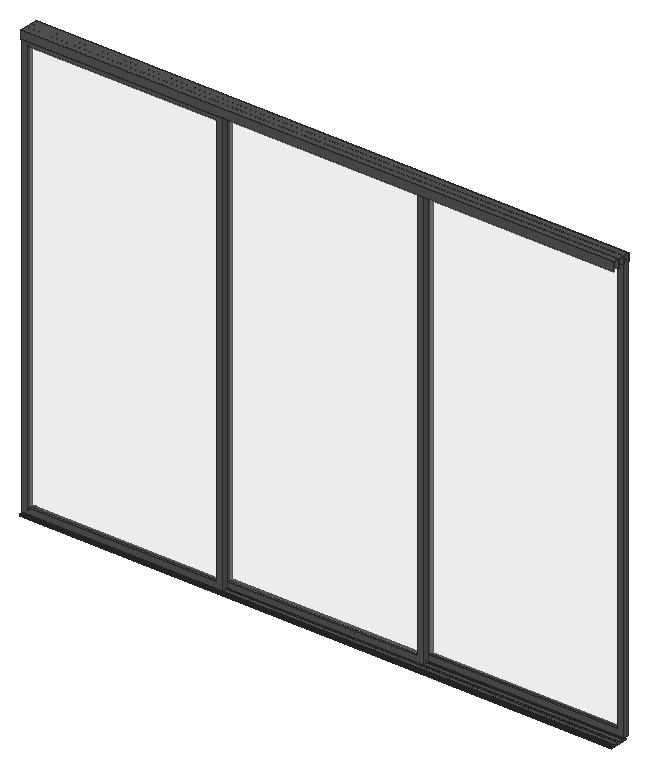
Revit family "Door_FTS CD_The Sliding Door Company_1.5F 3-Panel Triple Track (Regular)", category Doors, host Wall, Revit 2019
Family settings
  Host = Wall
  OmniClass Number = 23.30.10.00
  OmniClass Title = Doors
  Always vertical = Yes
  Cut with Voids When Loaded = No
  Shared = No
  Room Calculation Point = No
Parameters (values of type "FTS Closet Divider - 1.5F 3 Panel 3 Track - ABC/CBA")
  Upper Track Material [instance] = TSDC - Casing/Upper Track - Powder Coated Black
  URL = "https://www.slidingdoorco.com"
  Thickness = 1 1/4"  # constant formula
  Stile/Rail = 1 1/2"  # constant formula
  Rough Width = Finished Opening Width + 5/8" * 2  # 148 1/4"
  Rough Height = Finished Opening Height + 5/8"  # 108 5/8"
  Panel Width = Width / 3 + 1"  # 50"
  Panel Height = Height - 2 1/4"  # 105 3/4"
  Open [instance] = no
  Model = "FTS Closet Divider - Full Height System"  # constant formula
  Manufacturer = "The Sliding Door Company"  # constant formula
  Limitations = "Panel Width x System Height cannot exceed 7,400 square inches"  # constant formula
  Glass Thickness = "Available in: 5mm Tempered, 7mm,10mm,11mm Laminated Glass"  # constant formula
  Glass Material [instance] = TSDC - Glass - Clear
  Function = Interior
  Height = if(Finished Opening Height > 108", 108", Finished Opening Height)  # 108"
  Wall Closure = By host
  Width = if(Finished Opening Width > 147", 147", Finished Opening Width)  # 147"
  Fire Rating = "N/A"  # constant formula
  Finished Opening Width = 147"
  Finished Opening Height = 108"
  Door Casing Material [instance] = TSDC - Casing/Upper Track - Powder Coated Black
  Description = "1.5 Frame 3 Panel System with Triple Track (Regular)"  # constant formula
  Contact The Sliding Door Company = "https://www.slidingdoorco.com/contact"
  Construction Type = "Top Mounted, Regular Bottom Track"  # constant formula
  Configuration = "ABC/CBA Configuration"  # constant formula
  Closed [instance] = not(Open)  # yes
  Bottom Track Material [instance] = TSDC - Bottom Track - Powder Coated Black
  Analytic Construction = "<None>"
  1 1/2" Frame (No Support Dividers) = "Max. H=108 in., Max. W=147 in. (50 in. panel width)"  # constant formula
Reference planes (in)
  plane 1 "Center (Front/Back)": y = 0
  plane 2 "Center (Left/Right)": x = 0
  plane 3 "Top": z = 108
  plane 4 "Exterior": y = 3
  plane 5 "Interior": y = -3
  plane 6: x = -73.5
  plane 7: x = 73.5
  plane 8: z = 0.625
  plane 9 "2": z = 106.375
  plane 10 "3": z = 107.25
  plane 11: y = -0.67851
  plane 12: x = -24.5
  plane 13: x = 24.5
  plane 14 "Top": z = 96
  plane 15 "2": z = 94.375
  plane 16 "3": z = 95.25
  plane 17 "Top": z = 96
  plane 18 "2": z = 94.375
  plane 19 "3": z = 95.25
  plane 20 "Top": z = 80
  plane 21: x = -50
  plane 22: x = 50
  plane 23 "2": z = 78.375
  plane 24 "3": z = 79.25
Forms (in)
  Extrusion 1, solid, material "TSDC - Casing/Upper Track - Powder Coated Black" <- "Upper Track Material"
    sketch origin (0, 1.25781, 0) x (0, 1, 0) y (0, 0, 1)
      loop
        line (1.74219, 108) -> (-2.99219, 108) -> (-2.99219, 105.875) -> (-2.93359, 105.875) -> (-2.93359, 107.94141) -> (-1.43359, 107.94141) -> (-1.43359, 105.875) -> (-1.375, 105.875) -> (-1.375, 107.94141) -> (0.125, 107.94141) -> (0.125, 105.875) -> (0.18359, 105.875) -> (0.18359, 107.94141) -> (1.68359, 107.94141) -> (1.68359, 105.875) -> (1.74219, 105.875) -> (1.74219, 108)
    from -73.5 to 73.5
  Extrusion 2, solid, material "TSDC - Casing/Upper Track - Powder Coated Black" <- "Door Casing Material", visible <- "Closed"
    sketch origin (47.66587, 2.81641, 0) x (1, 0, 0) y (0, 0, 1)
      loop
        line (25.83413, 106.375) -> (-24.16587, 106.375) -> (-24.16587, 0.625) -> (25.83413, 0.625) -> (25.83413, 106.375)
      loop
        line (24.33413, 104.875) -> (-22.66587, 104.875) -> (-22.66587, 2.125) -> (24.33413, 2.125) -> (24.33413, 104.875)
    from 0 to 1.25
  Extrusion 3, solid, material "TSDC - Glass - Clear" <- "Glass Material", visible <- "Closed"
    sketch origin (47.66587, 2.31641, 0) x (1, 0, 0) y (0, 0, 1)
      loop
        line (24.33413, 104.875) -> (-22.66587, 104.875) -> (-22.66587, 2.125) -> (24.33413, 2.125) -> (24.33413, 104.875)
    from 0 to 0.25
  Extrusion 4, solid, material "TSDC - Bottom Track - Powder Coated Black" <- "Bottom Track Material"
    sketch origin (0, 0.8784, 0.00198) x (0, 1, 0) y (0, 0, 1)
      loop
        arc (1.17662, 0.34104) -> (1.17081, 0.35508) -> (1.15677, 0.36093) r 0.01985
        line (1.15677, 0.36093) -> (1.07541, 0.36093)
        arc (1.07541, 0.36093) -> (1.06136, 0.3551) -> (1.05556, 0.34103) r 0.01985
        line (1.05556, 0.34103) -> (1.05556, 0.20299) -> (0.9831, 0.20299) -> (0.9831, 0.28602)
        arc (0.9831, 0.28602) -> (0.87384, 0.39506) -> (0.76472, 0.28588) r 0.10919
        line (0.76472, 0.28588) -> (0.82428, 0.28588)
        arc (0.82428, 0.28588) -> (0.87397, 0.3355) -> (0.92354, 0.28575) r 0.04963
        line (0.92354, 0.28575) -> (0.92354, 0.14753) -> (1.05556, 0.10767) -> (1.05556, 0.05757) -> (0.38753, 0.05757) -> (0.38753, 0.36093) -> (-0.56932, 0.36093) -> (-0.56932, 0.20299) -> (-0.64178, 0.20299) -> (-0.64178, 0.28602)
        arc (-0.64178, 0.28602) -> (-0.75104, 0.39506) -> (-0.86016, 0.28588) r 0.10919
        line (-0.86016, 0.28588) -> (-0.8006, 0.28588)
        arc (-0.8006, 0.28588) -> (-0.75091, 0.3355) -> (-0.70134, 0.28575) r 0.04963
        line (-0.70134, 0.28575) -> (-0.70134, 0.14753) -> (-0.56932, 0.10767) -> (-0.56932, 0.05757) -> (-1.23735, 0.05757) -> (-1.23735, 0.36093) -> (-2.19421, 0.36093) -> (-2.19421, 0.20299) -> (-2.26667, 0.20299) -> (-2.26667, 0.28602)
        arc (-2.26667, 0.28602) -> (-2.37592, 0.39506) -> (-2.48504, 0.28588) r 0.10919
        line (-2.48504, 0.28588) -> (-2.42548, 0.28588)
        arc (-2.42548, 0.28588) -> (-2.37579, 0.3355) -> (-2.32622, 0.28575) r 0.04963
        line (-2.32622, 0.28575) -> (-2.32622, 0.14753) -> (-2.19421, 0.10767) -> (-2.19421, 0.05757) -> (-2.86223, 0.05757) -> (-2.86223, 0.34103)
        arc (-2.86223, 0.34103) -> (-2.86803, 0.3551) -> (-2.88208, 0.36093) r 0.01985
        line (-2.88208, 0.36093) -> (-2.96344, 0.36093)
        arc (-2.96344, 0.36093) -> (-2.97751, 0.35509) -> (-2.9833, 0.341) r 0.01985
        line (-2.9833, 0.341) -> (-2.9833, 0.26961) -> (-2.95059, 0.26961) -> (-2.95059, 0.30227) -> (-2.91939, 0.30227) -> (-2.91939, 0.05752) -> (-2.95046, 0.05752) -> (-2.95046, 0.08934) -> (-2.9833, 0.08934) -> (-2.9833, -0.00198) -> (-2.13705, -0.00198) -> (-2.10598, 0.05752) -> (-2.13705, 0.05752) -> (-2.13705, 0.30227) -> (-1.29451, 0.30227) -> (-1.29451, 0.05752) -> (-1.32558, 0.05752) -> (-1.29451, -0.00198) -> (-0.51217, -0.00198) -> (-0.4811, 0.05752) -> (-0.51217, 0.05752) -> (-0.51217, 0.30227) -> (0.33038, 0.30227) -> (0.33038, 0.05752) -> (0.2993, 0.05752) -> (0.33038, -0.00198) -> (1.17662, -0.00198) -> (1.17662, 0.08934) -> (1.14379, 0.08934) -> (1.14379, 0.05752) -> (1.11271, 0.05752) -> (1.11271, 0.30227) -> (1.14379, 0.30227) -> (1.14379, 0.26961) -> (1.17662, 0.26961) -> (1.17662, 0.34104)
    from -73.5 to 73.5
  Extrusion 5, solid, material "TSDC - Casing/Upper Track - Powder Coated Black" <- "Door Casing Material", visible <- "Closed"
    sketch origin (-11.83413, 1.25781, 0) x (1, 0, 0) y (0, 0, 1)
      loop
        line (36.83413, 106.375) -> (-13.16587, 106.375) -> (-13.16587, 0.625) -> (36.83413, 0.625) -> (36.83413, 106.375)
      loop
        line (35.33413, 104.875) -> (-11.66587, 104.875) -> (-11.66587, 2.125) -> (35.33413, 2.125) -> (35.33413, 104.875)
    from 0 to 1.25
  Extrusion 6, solid, material "TSDC - Glass - Clear" <- "Glass Material", visible <- "Closed"
    sketch origin (-11.83413, 0.75781, 0) x (1, 0, 0) y (0, 0, 1)
      loop
        line (35.33413, 104.875) -> (-11.66587, 104.875) -> (-11.66587, 2.125) -> (35.33413, 2.125) -> (35.33413, 104.875)
    from 0 to 0.25
  Extrusion 7, solid, material "TSDC - Casing/Upper Track - Powder Coated Black" <- "Door Casing Material", visible <- "Closed"
    sketch origin (-71.33413, -0.30078, 0) x (1, 0, 0) y (0, 0, 1)
      loop
        line (47.83413, 106.375) -> (-2.16587, 106.375) -> (-2.16587, 0.625) -> (47.83413, 0.625) -> (47.83413, 106.375)
      loop
        line (46.33413, 104.875) -> (-0.66587, 104.875) -> (-0.66587, 2.125) -> (46.33413, 2.125) -> (46.33413, 104.875)
    from 0 to 1.25
  Extrusion 8, solid, material "TSDC - Glass - Clear" <- "Glass Material", visible <- "Closed"
    sketch origin (-71.33413, -0.80078, 0) x (1, 0, 0) y (0, 0, 1)
      loop
        line (46.33413, 104.875) -> (-0.66587, 104.875) -> (-0.66587, 2.125) -> (46.33413, 2.125) -> (46.33413, 104.875)
    from 0 to 0.25
  Extrusion 9, solid, material "TSDC - Casing/Upper Track - Powder Coated Black", not visible
    sketch origin (0, 0.8784, 0.00198) x (0, 1, 0) y (0, 0, 1)
      loop
        line (1.17662, -0.00198) -> (1.7466, -0.00198) -> (1.7466, 0.11422) -> (1.63872, 0.16601) -> (1.5898, 0.16) -> (1.58595, 0.19134) -> (1.49638, 0.23434) -> (1.44746, 0.22833) -> (1.44362, 0.25967) -> (1.35493, 0.30224) -> (1.30601, 0.29623) -> (1.30216, 0.32757) -> (1.21825, 0.36785)
        arc (1.21825, 0.36785) -> (1.19583, 0.37043) -> (1.17662, 0.35859) r 0.03449
        line (1.17662, 0.35859) -> (1.17662, 0.26961) -> (1.14379, 0.26961) -> (1.14379, 0.30227) -> (1.11271, 0.30227) -> (1.11271, 0.05752) -> (1.14379, 0.05752) -> (1.14379, 0.08934) -> (1.17662, 0.08934) -> (1.17662, -0.00198)
      loop
        line (1.6966, 0.05) -> (1.6966, 0.08276) -> (1.2346, 0.30454) -> (1.2346, 0.05) -> (1.6966, 0.05)
    from -50 to 50
  Extrusion 10, solid, material "TSDC - Casing/Upper Track - Powder Coated Black", not visible
    sketch origin (0, 0.8784, 0.00198) x (0, 1, 0) y (0, 0, 1)
      loop
        arc (1.17662, 0.34104) -> (1.17081, 0.35508) -> (1.15677, 0.36093) r 0.01985
        line (1.15677, 0.36093) -> (1.07541, 0.36093)
        arc (1.07541, 0.36093) -> (1.06136, 0.3551) -> (1.05556, 0.34103) r 0.01985
        line (1.05556, 0.34103) -> (1.05556, 0.20299) -> (0.9831, 0.20299) -> (0.9831, 0.28602)
        arc (0.9831, 0.28602) -> (0.87384, 0.39506) -> (0.76472, 0.28588) r 0.10919
        line (0.76472, 0.28588) -> (0.82428, 0.28588)
        arc (0.82428, 0.28588) -> (0.87397, 0.3355) -> (0.92354, 0.28575) r 0.04963
        line (0.92354, 0.28575) -> (0.92354, 0.14753) -> (1.05556, 0.10767) -> (1.05556, 0.05757) -> (0.38753, 0.05757) -> (0.38753, 0.36093) -> (-0.56932, 0.36093) -> (-0.56932, 0.20299) -> (-0.64178, 0.20299) -> (-0.64178, 0.28602)
        arc (-0.64178, 0.28602) -> (-0.75104, 0.39506) -> (-0.86016, 0.28588) r 0.10919
        line (-0.86016, 0.28588) -> (-0.8006, 0.28588)
        arc (-0.8006, 0.28588) -> (-0.75091, 0.3355) -> (-0.70134, 0.28575) r 0.04963
        line (-0.70134, 0.28575) -> (-0.70134, 0.14753) -> (-0.56932, 0.10767) -> (-0.56932, 0.05757) -> (-1.23735, 0.05757) -> (-1.23735, 0.36093) -> (-2.19421, 0.36093) -> (-2.19421, 0.20299) -> (-2.26667, 0.20299) -> (-2.26667, 0.28602)
        arc (-2.26667, 0.28602) -> (-2.37592, 0.39506) -> (-2.48504, 0.28588) r 0.10919
        line (-2.48504, 0.28588) -> (-2.42548, 0.28588)
        arc (-2.42548, 0.28588) -> (-2.37579, 0.3355) -> (-2.32622, 0.28575) r 0.04963
        line (-2.32622, 0.28575) -> (-2.32622, 0.14753) -> (-2.19421, 0.10767) -> (-2.19421, 0.05757) -> (-2.86223, 0.05757) -> (-2.86223, 0.34103)
        arc (-2.86223, 0.34103) -> (-2.86803, 0.3551) -> (-2.88208, 0.36093) r 0.01985
        line (-2.88208, 0.36093) -> (-2.96344, 0.36093)
        arc (-2.96344, 0.36093) -> (-2.97751, 0.35509) -> (-2.9833, 0.341) r 0.01985
        line (-2.9833, 0.341) -> (-2.9833, 0.26961) -> (-2.95059, 0.26961) -> (-2.95059, 0.30227) -> (-2.91939, 0.30227) -> (-2.91939, 0.05752) -> (-2.95046, 0.05752) -> (-2.95046, 0.08934) -> (-2.9833, 0.08934) -> (-2.9833, -0.00198) -> (-2.13705, -0.00198) -> (-2.10598, 0.05752) -> (-2.13705, 0.05752) -> (-2.13705, 0.30227) -> (-1.29451, 0.30227) -> (-1.29451, 0.05752) -> (-1.32558, 0.05752) -> (-1.29451, -0.00198) -> (-0.51217, -0.00198) -> (-0.4811, 0.05752) -> (-0.51217, 0.05752) -> (-0.51217, 0.30227) -> (0.33038, 0.30227) -> (0.33038, 0.05752) -> (0.2993, 0.05752) -> (0.33038, -0.00198) -> (1.17662, -0.00198) -> (1.17662, 0.08934) -> (1.14379, 0.08934) -> (1.14379, 0.05752) -> (1.11271, 0.05752) -> (1.11271, 0.30227) -> (1.14379, 0.30227) -> (1.14379, 0.26961) -> (1.17662, 0.26961) -> (1.17662, 0.34104)
    from -50 to 50
  Extrusion 11, solid, material "TSDC - Casing/Upper Track - Powder Coated Black", not visible
    sketch origin (0, -0.92827, 0.00198) x (0, -1, 0) y (0, 0, -1)
      loop
        line (1.17662, 0.00198) -> (1.17662, -0.08934) -> (1.14379, -0.08934) -> (1.14379, -0.05752) -> (1.11271, -0.05752) -> (1.11271, -0.30227) -> (1.14379, -0.30227) -> (1.14379, -0.26961) -> (1.17662, -0.26961) -> (1.17662, -0.35859)
        arc (1.17662, -0.35859) -> (1.19583, -0.37043) -> (1.21825, -0.36785) r 0.03449
        line (1.21825, -0.36785) -> (1.30216, -0.32757) -> (1.30601, -0.29623) -> (1.35493, -0.30224) -> (1.44362, -0.25967) -> (1.44746, -0.22833) -> (1.49638, -0.23434) -> (1.58595, -0.19134) -> (1.5898, -0.16) -> (1.63872, -0.16601) -> (1.7466, -0.11422) -> (1.7466, 0.00198) -> (1.17662, 0.00198)
      loop
        line (1.6966, -0.05) -> (1.2346, -0.05) -> (1.2346, -0.30454) -> (1.6966, -0.08276) -> (1.6966, -0.05)
    from -50 to 50
  Extrusion 12, solid, material "TSDC - Casing/Upper Track - Powder Coated Black", not visible
    sketch origin (0, 1.25781, 0) x (0, 1, 0) y (0, 0, 1)
      loop
        line (1.74219, 96) -> (-2.99219, 96) -> (-2.99219, 93.875) -> (-2.93359, 93.875) -> (-2.93359, 95.94141) -> (-1.43359, 95.94141) -> (-1.43359, 93.875) -> (-1.375, 93.875) -> (-1.375, 95.94141) -> (0.125, 95.94141) -> (0.125, 93.875) -> (0.18359, 93.875) -> (0.18359, 95.94141) -> (1.68359, 95.94141) -> (1.68359, 93.875) -> (1.74219, 93.875) -> (1.74219, 96)
    from -50 to 50
  Extrusion 13, solid, material "TSDC - Casing/Upper Track - Powder Coated Black", visible <- "Open", not visible
    sketch origin (-18.0008, 2.81641, 0) x (1, 0, 0) y (0, 0, 1)
      loop
        line (2.33413, 94.375) -> (-31.9992, 94.375) -> (-31.9992, 0.625) -> (2.33413, 0.625) -> (2.33413, 94.375)
      loop
        line (0.83413, 92.875) -> (-30.4992, 92.875) -> (-30.4992, 2.125) -> (0.83413, 2.125) -> (0.83413, 92.875)
    from 0 to 1.25
  Extrusion 14, solid, material "TSDC - Glass - Clear", visible <- "Open", not visible
    sketch origin (-18.0008, 2.31641, 0) x (1, 0, 0) y (0, 0, 1)
      loop
        line (0.83413, 92.875) -> (-30.4992, 92.875) -> (-30.4992, 2.125) -> (0.83413, 2.125) -> (0.83413, 92.875)
    from 0 to 0.25
  Extrusion 15, solid, material "TSDC - Casing/Upper Track - Powder Coated Black", visible <- "Open", not visible
    sketch origin (-44.66746, 1.25781, 0) x (1, 0, 0) y (0, 0, 1)
      loop
        line (29.0008, 94.375) -> (-5.33254, 94.375) -> (-5.33254, 0.625) -> (29.0008, 0.625) -> (29.0008, 94.375)
      loop
        line (27.5008, 92.875) -> (-3.83254, 92.875) -> (-3.83254, 2.125) -> (27.5008, 2.125) -> (27.5008, 92.875)
    from 0 to 1.25
  Extrusion 16, solid, material "TSDC - Glass - Clear", visible <- "Open", not visible
    sketch origin (-44.66746, 0.75781, 0) x (1, 0, 0) y (0, 0, 1)
      loop
        line (27.5008, 92.875) -> (-3.83254, 92.875) -> (-3.83254, 2.125) -> (27.5008, 2.125) -> (27.5008, 92.875)
    from 0 to 0.25
  Extrusion 17, solid, material "TSDC - Casing/Upper Track - Powder Coated Black", visible <- "Open", not visible
    sketch origin (-71.33413, -0.30078, 0) x (1, 0, 0) y (0, 0, 1)
      loop
        line (55.66746, 94.375) -> (21.33413, 94.375) -> (21.33413, 0.625) -> (55.66746, 0.625) -> (55.66746, 94.375)
      loop
        line (54.16746, 92.875) -> (22.83413, 92.875) -> (22.83413, 2.125) -> (54.16746, 2.125) -> (54.16746, 92.875)
    from 0 to 1.25
  Extrusion 18, solid, material "TSDC - Glass - Clear", visible <- "Open", not visible
    sketch origin (-71.33413, -0.80078, 0) x (1, 0, 0) y (0, 0, 1)
      loop
        line (54.16746, 92.875) -> (22.83413, 92.875) -> (22.83413, 2.125) -> (54.16746, 2.125) -> (54.16746, 92.875)
    from 0 to 0.25
  Extrusion 19, solid, material "TSDC - Casing/Upper Track - Powder Coated Black", visible <- "Closed", not visible
    sketch origin (-11.83413, 1.25781, 0) x (1, 0, 0) y (0, 0, 1)
      loop
        line (29.0008, 94.375) -> (-5.33254, 94.375) -> (-5.33254, 0.625) -> (29.0008, 0.625) -> (29.0008, 94.375)
      loop
        line (27.5008, 92.875) -> (-3.83254, 92.875) -> (-3.83254, 2.125) -> (27.5008, 2.125) -> (27.5008, 92.875)
    from 0 to 1.25
  Extrusion 20, solid, material "TSDC - Glass - Clear", visible <- "Closed", not visible
    sketch origin (-11.83413, 0.75781, 0) x (1, 0, 0) y (0, 0, 1)
      loop
        line (27.5008, 92.875) -> (-3.83254, 92.875) -> (-3.83254, 2.125) -> (27.5008, 2.125) -> (27.5008, 92.875)
    from 0 to 0.25
  Extrusion 21, solid, material "TSDC - Casing/Upper Track - Powder Coated Black", visible <- "Closed", not visible
    sketch origin (47.66587, 2.81641, 0) x (1, 0, 0) y (0, 0, 1)
      loop
        line (2.33413, 94.375) -> (-31.9992, 94.375) -> (-31.9992, 0.625) -> (2.33413, 0.625) -> (2.33413, 94.375)
      loop
        line (0.83413, 92.875) -> (-30.4992, 92.875) -> (-30.4992, 2.125) -> (0.83413, 2.125) -> (0.83413, 92.875)
    from 0 to 1.25
  Extrusion 22, solid, material "TSDC - Glass - Clear", visible <- "Closed", not visible
    sketch origin (47.66587, 2.31641, 0) x (1, 0, 0) y (0, 0, 1)
      loop
        line (0.83413, 92.875) -> (-30.4992, 92.875) -> (-30.4992, 2.125) -> (0.83413, 2.125) -> (0.83413, 92.875)
    from 0 to 0.25
  Extrusion 23, solid, material "TSDC - Casing/Upper Track - Powder Coated Black", visible <- "Closed", not visible
    sketch origin (-71.33413, -0.30078, 0) x (1, 0, 0) y (0, 0, 1)
      loop
        line (55.66746, 94.375) -> (21.33413, 94.375) -> (21.33413, 0.625) -> (55.66746, 0.625) -> (55.66746, 94.375)
      loop
        line (54.16746, 92.875) -> (22.83413, 92.875) -> (22.83413, 2.125) -> (54.16746, 2.125) -> (54.16746, 92.875)
    from 0 to 1.25
  Extrusion 24, solid, material "TSDC - Glass - Clear", visible <- "Closed", not visible
    sketch origin (-71.33413, -0.80078, 0) x (1, 0, 0) y (0, 0, 1)
      loop
        line (54.16746, 92.875) -> (22.83413, 92.875) -> (22.83413, 2.125) -> (54.16746, 2.125) -> (54.16746, 92.875)
    from 0 to 0.25
  Extrusion 25, solid, material "TSDC - Casing/Upper Track - Powder Coated Black", not visible
    sketch origin (0, 1.25781, 0) x (0, 1, 0) y (0, 0, 1)
      loop
        line (1.74219, 96) -> (-2.99219, 96) -> (-2.99219, 93.875) -> (-2.93359, 93.875) -> (-2.93359, 95.94141) -> (-1.43359, 95.94141) -> (-1.43359, 93.875) -> (-1.375, 93.875) -> (-1.375, 95.94141) -> (0.125, 95.94141) -> (0.125, 93.875) -> (0.18359, 93.875) -> (0.18359, 95.94141) -> (1.68359, 95.94141) -> (1.68359, 93.875) -> (1.74219, 93.875) -> (1.74219, 96)
    from -50 to 50
  Extrusion 26, solid, material "TSDC - Casing/Upper Track - Powder Coated Black" <- "Door Casing Material", visible <- "Open"
    sketch origin (-18.0008, 2.81641, 0) x (1, 0, 0) y (0, 0, 1)
      loop
        line (-5.4992, 106.375) -> (-55.4992, 106.375) -> (-55.4992, 0.625) -> (-5.4992, 0.625) -> (-5.4992, 106.375)
      loop
        line (-6.9992, 104.875) -> (-53.9992, 104.875) -> (-53.9992, 2.125) -> (-6.9992, 2.125) -> (-6.9992, 104.875)
    from 0 to 1.25
  Extrusion 27, solid, material "TSDC - Glass - Clear" <- "Glass Material", visible <- "Open"
    sketch origin (-18.0008, 2.31641, 0) x (1, 0, 0) y (0, 0, 1)
      loop
        line (-6.9992, 104.875) -> (-53.9992, 104.875) -> (-53.9992, 2.125) -> (-6.9992, 2.125) -> (-6.9992, 104.875)
    from 0 to 0.25
  Extrusion 28, solid, material "TSDC - Casing/Upper Track - Powder Coated Black" <- "Door Casing Material", visible <- "Open"
    sketch origin (-44.66746, 1.25781, 0) x (1, 0, 0) y (0, 0, 1)
      loop
        line (21.16746, 106.375) -> (-28.83254, 106.375) -> (-28.83254, 0.625) -> (21.16746, 0.625) -> (21.16746, 106.375)
      loop
        line (19.66746, 104.875) -> (-27.33254, 104.875) -> (-27.33254, 2.125) -> (19.66746, 2.125) -> (19.66746, 104.875)
    from 0 to 1.25
  Extrusion 29, solid, material "TSDC - Glass - Clear" <- "Glass Material", visible <- "Open"
    sketch origin (-44.66746, 0.75781, 0) x (1, 0, 0) y (0, 0, 1)
      loop
        line (19.66746, 104.875) -> (-27.33254, 104.875) -> (-27.33254, 2.125) -> (19.66746, 2.125) -> (19.66746, 104.875)
    from 0 to 0.25
  Extrusion 30, solid, material "TSDC - Casing/Upper Track - Powder Coated Black" <- "Door Casing Material", visible <- "Open"
    sketch origin (-71.33413, -0.30078, 0) x (1, 0, 0) y (0, 0, 1)
      loop
        line (47.83413, 106.375) -> (-2.16587, 106.375) -> (-2.16587, 0.625) -> (47.83413, 0.625) -> (47.83413, 106.375)
      loop
        line (46.33413, 104.875) -> (-0.66587, 104.875) -> (-0.66587, 2.125) -> (46.33413, 2.125) -> (46.33413, 104.875)
    from 0 to 1.25
  Extrusion 31, solid, material "TSDC - Glass - Clear" <- "Glass Material", visible <- "Open"
    sketch origin (-71.33413, -0.80078, 0) x (1, 0, 0) y (0, 0, 1)
      loop
        line (46.33413, 104.875) -> (-0.66587, 104.875) -> (-0.66587, 2.125) -> (46.33413, 2.125) -> (46.33413, 104.875)
    from 0 to 0.25
  Extrusion 32, solid, material "TSDC - Casing/Upper Track - Powder Coated Black", not visible
    sketch origin (0, 1.25781, 0) x (0, 1, 0) y (0, 0, 1)
      loop
        line (1.74219, 96) -> (-2.99219, 96) -> (-2.99219, 93.875) -> (-2.93359, 93.875) -> (-2.93359, 95.94141) -> (-1.43359, 95.94141) -> (-1.43359, 93.875) -> (-1.375, 93.875) -> (-1.375, 95.94141) -> (0.125, 95.94141) -> (0.125, 93.875) -> (0.18359, 93.875) -> (0.18359, 95.94141) -> (1.68359, 95.94141) -> (1.68359, 93.875) -> (1.74219, 93.875) -> (1.74219, 96)
    from -50 to 50
  Extrusion 33, solid, material "TSDC - Casing/Upper Track - Powder Coated Black", not visible
    sketch origin (0, 1.25781, 0) x (0, 1, 0) y (0, 0, 1)
      loop
        line (1.74219, 96) -> (-2.99219, 96) -> (-2.99219, 93.875) -> (-2.93359, 93.875) -> (-2.93359, 95.94141) -> (-1.43359, 95.94141) -> (-1.43359, 93.875) -> (-1.375, 93.875) -> (-1.375, 95.94141) -> (0.125, 95.94141) -> (0.125, 93.875) -> (0.18359, 93.875) -> (0.18359, 95.94141) -> (1.68359, 95.94141) -> (1.68359, 93.875) -> (1.74219, 93.875) -> (1.74219, 96)
    from -50 to 50
  Extrusion 34, solid, material "TSDC - Casing/Upper Track - Powder Coated Black", not visible
    sketch origin (0, 0.8784, 0.00198) x (0, 1, 0) y (0, 0, 1)
      loop
        line (1.17662, -0.00198) -> (1.7466, -0.00198) -> (1.7466, 0.11422) -> (1.63872, 0.16601) -> (1.5898, 0.16) -> (1.58595, 0.19134) -> (1.49638, 0.23434) -> (1.44746, 0.22833) -> (1.44362, 0.25967) -> (1.35493, 0.30224) -> (1.30601, 0.29623) -> (1.30216, 0.32757) -> (1.21825, 0.36785)
        arc (1.21825, 0.36785) -> (1.19583, 0.37043) -> (1.17662, 0.35859) r 0.03449
        line (1.17662, 0.35859) -> (1.17662, 0.26961) -> (1.14379, 0.26961) -> (1.14379, 0.30227) -> (1.11271, 0.30227) -> (1.11271, 0.05752) -> (1.14379, 0.05752) -> (1.14379, 0.08934) -> (1.17662, 0.08934) -> (1.17662, -0.00198)
      loop
        line (1.6966, 0.05) -> (1.6966, 0.08276) -> (1.2346, 0.30454) -> (1.2346, 0.05) -> (1.6966, 0.05)
    from -50 to 50
  Extrusion 35, solid, material "TSDC - Casing/Upper Track - Powder Coated Black", not visible
    sketch origin (0, 0.8784, 0.00198) x (0, 1, 0) y (0, 0, 1)
      loop
        arc (1.17662, 0.34104) -> (1.17081, 0.35508) -> (1.15677, 0.36093) r 0.01985
        line (1.15677, 0.36093) -> (1.07541, 0.36093)
        arc (1.07541, 0.36093) -> (1.06136, 0.3551) -> (1.05556, 0.34103) r 0.01985
        line (1.05556, 0.34103) -> (1.05556, 0.20299) -> (0.9831, 0.20299) -> (0.9831, 0.28602)
        arc (0.9831, 0.28602) -> (0.87384, 0.39506) -> (0.76472, 0.28588) r 0.10919
        line (0.76472, 0.28588) -> (0.82428, 0.28588)
        arc (0.82428, 0.28588) -> (0.87397, 0.3355) -> (0.92354, 0.28575) r 0.04963
        line (0.92354, 0.28575) -> (0.92354, 0.14753) -> (1.05556, 0.10767) -> (1.05556, 0.05757) -> (0.38753, 0.05757) -> (0.38753, 0.36093) -> (-0.56932, 0.36093) -> (-0.56932, 0.20299) -> (-0.64178, 0.20299) -> (-0.64178, 0.28602)
        arc (-0.64178, 0.28602) -> (-0.75104, 0.39506) -> (-0.86016, 0.28588) r 0.10919
        line (-0.86016, 0.28588) -> (-0.8006, 0.28588)
        arc (-0.8006, 0.28588) -> (-0.75091, 0.3355) -> (-0.70134, 0.28575) r 0.04963
        line (-0.70134, 0.28575) -> (-0.70134, 0.14753) -> (-0.56932, 0.10767) -> (-0.56932, 0.05757) -> (-1.23735, 0.05757) -> (-1.23735, 0.36093) -> (-2.19421, 0.36093) -> (-2.19421, 0.20299) -> (-2.26667, 0.20299) -> (-2.26667, 0.28602)
        arc (-2.26667, 0.28602) -> (-2.37592, 0.39506) -> (-2.48504, 0.28588) r 0.10919
        line (-2.48504, 0.28588) -> (-2.42548, 0.28588)
        arc (-2.42548, 0.28588) -> (-2.37579, 0.3355) -> (-2.32622, 0.28575) r 0.04963
        line (-2.32622, 0.28575) -> (-2.32622, 0.14753) -> (-2.19421, 0.10767) -> (-2.19421, 0.05757) -> (-2.86223, 0.05757) -> (-2.86223, 0.34103)
        arc (-2.86223, 0.34103) -> (-2.86803, 0.3551) -> (-2.88208, 0.36093) r 0.01985
        line (-2.88208, 0.36093) -> (-2.96344, 0.36093)
        arc (-2.96344, 0.36093) -> (-2.97751, 0.35509) -> (-2.9833, 0.341) r 0.01985
        line (-2.9833, 0.341) -> (-2.9833, 0.26961) -> (-2.95059, 0.26961) -> (-2.95059, 0.30227) -> (-2.91939, 0.30227) -> (-2.91939, 0.05752) -> (-2.95046, 0.05752) -> (-2.95046, 0.08934) -> (-2.9833, 0.08934) -> (-2.9833, -0.00198) -> (-2.13705, -0.00198) -> (-2.10598, 0.05752) -> (-2.13705, 0.05752) -> (-2.13705, 0.30227) -> (-1.29451, 0.30227) -> (-1.29451, 0.05752) -> (-1.32558, 0.05752) -> (-1.29451, -0.00198) -> (-0.51217, -0.00198) -> (-0.4811, 0.05752) -> (-0.51217, 0.05752) -> (-0.51217, 0.30227) -> (0.33038, 0.30227) -> (0.33038, 0.05752) -> (0.2993, 0.05752) -> (0.33038, -0.00198) -> (1.17662, -0.00198) -> (1.17662, 0.08934) -> (1.14379, 0.08934) -> (1.14379, 0.05752) -> (1.11271, 0.05752) -> (1.11271, 0.30227) -> (1.14379, 0.30227) -> (1.14379, 0.26961) -> (1.17662, 0.26961) -> (1.17662, 0.34104)
    from -50 to 50
  Extrusion 36, solid, material "TSDC - Casing/Upper Track - Powder Coated Black", not visible
    sketch origin (0, -0.92827, 0.00198) x (0, -1, 0) y (0, 0, -1)
      loop
        line (1.17662, 0.00198) -> (1.17662, -0.08934) -> (1.14379, -0.08934) -> (1.14379, -0.05752) -> (1.11271, -0.05752) -> (1.11271, -0.30227) -> (1.14379, -0.30227) -> (1.14379, -0.26961) -> (1.17662, -0.26961) -> (1.17662, -0.35859)
        arc (1.17662, -0.35859) -> (1.19583, -0.37043) -> (1.21825, -0.36785) r 0.03449
        line (1.21825, -0.36785) -> (1.30216, -0.32757) -> (1.30601, -0.29623) -> (1.35493, -0.30224) -> (1.44362, -0.25967) -> (1.44746, -0.22833) -> (1.49638, -0.23434) -> (1.58595, -0.19134) -> (1.5898, -0.16) -> (1.63872, -0.16601) -> (1.7466, -0.11422) -> (1.7466, 0.00198) -> (1.17662, 0.00198)
      loop
        line (1.6966, -0.05) -> (1.2346, -0.05) -> (1.2346, -0.30454) -> (1.6966, -0.08276) -> (1.6966, -0.05)
    from -50 to 50
  Extrusion 37, solid, material "TSDC - Casing/Upper Track - Powder Coated Black", not visible
    sketch origin (0, 1.25781, -16) x (0, 1, 0) y (0, 0, 1)
      loop
        line (1.74219, 96) -> (-2.99219, 96) -> (-2.99219, 93.875) -> (-2.93359, 93.875) -> (-2.93359, 95.94141) -> (-1.43359, 95.94141) -> (-1.43359, 93.875) -> (-1.375, 93.875) -> (-1.375, 95.94141) -> (0.125, 95.94141) -> (0.125, 93.875) -> (0.18359, 93.875) -> (0.18359, 95.94141) -> (1.68359, 95.94141) -> (1.68359, 93.875) -> (1.74219, 93.875) -> (1.74219, 96)
    from -50 to 50
Lines and regions (in)
  Opening 1
    outline origin (-60, -3, 0) x (1, 0, 0) y (0, 0, 1)
      loop
        line (133.5, 108) -> (-13.5, 108) -> (-13.5, 0) -> (133.5, 0) -> (133.5, 108)
Text (in)
  text "Exterior" at (-165.54235, 27.31104, 0), in view "Ref. Level"
  text "Interior" at (-165.54235, -25.14366, 0), in view "Ref. Level"
  text "Exterior" at (0, 40.15149, 123.01588), in view "Right"
  text "Interior" at (0, -64.39139, 123.01588), in view "Right"
  text "Interior" at (0, -31.01599, 123.00693), in view "Left"
  text "Exterior" at (0, 54.57065, 123.00693), in view "Left"
Dimensions and locks (in)
  locked: plane 9 "2" to plane 3 "Top" at 1.625
  equal spacing: plane 6, plane 2 "Center (Left/Right)", plane 7
  locked: plane 10 "3" to plane 3 "Top" at 0.75
  "Stile/Rail": Extrusion 2 to Extrusion 2  (x4)
  equal spacing: plane 6, plane 12, plane 13, plane 7
  "Stile/Rail": Extrusion 5 to Extrusion 5  (x4)
  "Stile/Rail": Extrusion 7 to Extrusion 7  (x4)
  "Stile/Rail": Extrusion 26 to Extrusion 26  (x4)
  "Stile/Rail": Extrusion 28 to Extrusion 28  (x4)
  "Stile/Rail": Extrusion 30 to Extrusion 30  (x4)
  Extrusion 7 to Extrusion 7 to Extrusion 5 to Extrusion 5 to Extrusion 2 to Extrusion 2 to plane 4 "Exterior" = 1 1/4" locked, 79/256" locked, 1 1/4" locked, 79/256" locked, 1 1/4" locked, 47/256" locked
  Extrusion 8 to Extrusion 8 to Extrusion 6 to Extrusion 6 to Extrusion 3 to Extrusion 3 to plane 4 "Exterior" = 1/4" locked, 1 79/256" locked, 1/4" locked, 1 79/256" locked, 1/4" locked, 175/256" locked
  plane 4 "Exterior" to Extrusion 26 to Extrusion 26 to Extrusion 28 to Extrusion 28 to Extrusion 30 to Extrusion 30 = 47/256" locked, 1 1/4" locked, 79/256" locked, 1 1/4" locked, 79/256" locked, 1 1/4" locked
  plane 4 "Exterior" to Extrusion 27 to Extrusion 27 to Extrusion 29 to Extrusion 29 to Extrusion 31 to Extrusion 31 = 175/256" locked, 1/4" locked, 1 79/256" locked, 1/4" locked, 1 79/256" locked, 1/4" locked
  "Height": level to plane 3 "Top"
  "Width": plane 6 to plane 7
  locked: plane 4 "Exterior" to Extrusion 4 at 0.94497
  locked: plane 4 "Exterior" to Extrusion 4 at 5.10489
  aligned and locked: plane 4 "Exterior" to host wall
  aligned and locked: host wall to plane 5 "Interior"
  aligned and locked: plane 7 to Extrusion 4
  aligned and locked: Extrusion 4 to plane 6
  aligned and locked: Extrusion 1 to plane 6
  aligned and locked: plane 7 to Extrusion 1
  aligned and locked: Extrusion 3 to Extrusion 2  (x4)
  aligned and locked: Extrusion 6 to Extrusion 5  (x4)
  aligned and locked: Extrusion 8 to Extrusion 7  (x4)
  aligned and locked: Opening 1 sketch curve to Extrusion 1  (x2)
  aligned and locked: Extrusion 7 to plane 9 "2"
  aligned and locked: Extrusion 7 to plane 8
  aligned and locked: Extrusion 7 to Extrusion 5
  aligned and locked: Extrusion 5 to Extrusion 2
  aligned and locked: Extrusion 27 to Extrusion 26  (x4)
  aligned and locked: Extrusion 29 to Extrusion 28  (x4)
  aligned and locked: Extrusion 31 to Extrusion 30  (x4)
Automatic sketch dimensions
  Extrusion 9 sketch curve to Extrusion 9 sketch curve = 0.03107"  (x2)
  Extrusion 9 sketch curve to Extrusion 9 sketch curve = 0.03284"  (x2)
  Extrusion 9 sketch curve to Extrusion 9 sketch curve = 0.0267"
  Extrusion 9 sketch curve to Extrusion 9 sketch curve = 0.01493"
  Extrusion 9 sketch curve to Extrusion 9 sketch curve = 0.05797"
  Extrusion 9 sketch curve to Extrusion 9 sketch curve = 0.06757"
  Extrusion 9 sketch curve to Extrusion 9 sketch curve = 0.00385"  (x3)
  Extrusion 9 sketch curve to Extrusion 9 sketch curve = 0.04892"  (x3)
  Extrusion 9 sketch curve to Extrusion 9 sketch curve = 0.08869"
  Extrusion 9 sketch curve to Extrusion 9 sketch curve = 0.08957"
  Extrusion 9 sketch curve to Extrusion 9 sketch curve = 0.05788"
  Extrusion 9 sketch curve to Extrusion 9 sketch curve = 0.05"
  Extrusion 9 sketch curve to Extrusion 9 sketch curve = 0.03276"
  Extrusion 9 sketch curve to Extrusion 9 sketch curve = 0.03182"
  Extrusion 9 sketch curve to Extrusion 9 sketch curve = 0.03146"
  Extrusion 9 sketch curve to Extrusion 9 sketch curve = 0.00601"  (x3)
  Extrusion 9 sketch curve to Extrusion 9 sketch curve = 0.09824"
  Extrusion 9 sketch curve to Extrusion 9 sketch curve = 0.03266"
  Extrusion 9 sketch curve to Extrusion 9 sketch curve = 0.06331"
  Extrusion 9 sketch curve to Extrusion 9 sketch curve = 0.03109"
  Extrusion 10 sketch curve to Extrusion 10 sketch curve = 0"  (x25)
  Extrusion 10 sketch curve to Extrusion 10 sketch curve = 0.01985"  (x3)
  Extrusion 10 sketch curve to Extrusion 10 sketch curve = 0.03271"
  Extrusion 10 sketch curve to Extrusion 10 sketch curve = 0.03284"  (x3)
  Extrusion 10 sketch curve to Extrusion 10 sketch curve = 0.03107"  (x9)
  Extrusion 10 sketch curve to Extrusion 10 sketch curve = 0.0373"
  Extrusion 10 sketch curve to Extrusion 10 sketch curve = 0.37719"  (x3)
  Extrusion 10 sketch curve to Extrusion 10 sketch curve = 0.05956"  (x6)
  Extrusion 10 sketch curve to Extrusion 10 sketch curve = 0.04963"  (x6)
  Extrusion 10 sketch curve to Extrusion 10 sketch curve = 0.07246"  (x4)
  Extrusion 10 sketch curve to Extrusion 10 sketch curve = 0.05716"  (x5)
  Extrusion 10 sketch curve to Extrusion 10 sketch curve = 0.7804"  (x2)
  Extrusion 10 sketch curve to Extrusion 10 sketch curve = 0.01299"
  Extrusion 10 sketch curve to Extrusion 10 sketch curve = 0.00005"  (x5)
  Extrusion 10 sketch curve to Extrusion 10 sketch curve = 0.03182"  (x2)
  Extrusion 10 sketch curve to Extrusion 10 sketch curve = 0.0501"  (x3)
  Extrusion 10 sketch curve to Extrusion 10 sketch curve = 0.03986"  (x2)
  Extrusion 10 sketch curve to Extrusion 10 sketch curve = 0.09532"  (x2)
  Extrusion 10 sketch curve to Extrusion 10 sketch curve = 0.05547"  (x2)
  Extrusion 10 sketch curve to Extrusion 10 sketch curve = 0.06662"
  Extrusion 10 sketch curve to Extrusion 10 sketch curve = 0.08276"  (x3)
  Extrusion 10 sketch curve to Extrusion 10 sketch curve = 0.00012"  (x3)
  Extrusion 10 sketch curve to Extrusion 10 sketch curve = 0.03266"  (x2)
  Extrusion 10 sketch curve to Extrusion 10 sketch curve = 0.24475"
  Extrusion 10 sketch curve to Extrusion 10 sketch curve = 0.09928"
  Extrusion 10 sketch curve to Extrusion 10 sketch curve = 0.03873"
  Extrusion 10 sketch curve to Extrusion 10 sketch curve = 0.03876"  (x2)
  Extrusion 10 sketch curve to Extrusion 10 sketch curve = 0.03877"
  Extrusion 10 sketch curve to Extrusion 10 sketch curve = 0.00007"
  Extrusion 10 sketch curve to Extrusion 10 sketch curve = 0.05866"  (x2)
  Extrusion 11 sketch curve to Extrusion 11 sketch curve = 0.03107"  (x2)
  Extrusion 11 sketch curve to Extrusion 11 sketch curve = 0.03284"  (x2)
  Extrusion 11 sketch curve to Extrusion 11 sketch curve = 0.0267"
  Extrusion 11 sketch curve to Extrusion 11 sketch curve = 0.01493"
  Extrusion 11 sketch curve to Extrusion 11 sketch curve = 0.05797"
  Extrusion 11 sketch curve to Extrusion 11 sketch curve = 0.06757"
  Extrusion 11 sketch curve to Extrusion 11 sketch curve = 0.00385"  (x3)
  Extrusion 11 sketch curve to Extrusion 11 sketch curve = 0.04892"  (x3)
  Extrusion 11 sketch curve to Extrusion 11 sketch curve = 0.08869"
  Extrusion 11 sketch curve to Extrusion 11 sketch curve = 0.08957"
  Extrusion 11 sketch curve to Extrusion 11 sketch curve = 0.05788"
  Extrusion 11 sketch curve to Extrusion 11 sketch curve = 0.05"
  Extrusion 11 sketch curve to Extrusion 11 sketch curve = 0.00926"
  Extrusion 11 sketch curve to Extrusion 11 sketch curve = 0.03134"  (x3)
  Extrusion 11 sketch curve to Extrusion 11 sketch curve = 0.03222"
  Extrusion 11 sketch curve to Extrusion 11 sketch curve = 0.05632"
  Extrusion 11 sketch curve to Extrusion 11 sketch curve = 0.03266"
  Extrusion 11 sketch curve to Extrusion 11 sketch curve = 0.06422"
  Extrusion 11 sketch curve to Extrusion 11 sketch curve = 0.03182"
  Extrusion 11 sketch curve to Extrusion 11 sketch curve = 0.03276"
  Extrusion 9 sketch curve to Extrusion 9 sketch curve = 0.05198"
  Extrusion 9 sketch curve to Extrusion 9 sketch curve = 0.05951"
  Extrusion 9 sketch curve to Extrusion 9 sketch curve = 0.07724"
  Extrusion 9 sketch curve to Extrusion 9 sketch curve = 0.03699"
  Extrusion 9 sketch curve to Extrusion 9 sketch curve = 0.18027"
  Extrusion 9 sketch curve to Extrusion 9 sketch curve = 0.00831"
  Extrusion 10 sketch curve to Extrusion 10 sketch curve = 0.05951"  (x6)
  Extrusion 10 sketch curve to Extrusion 10 sketch curve = 0.18027"
  Extrusion 11 sketch curve to Extrusion 11 sketch curve = 0.02303"
  Extrusion 11 sketch curve to Extrusion 11 sketch curve = 0.04257"
  Extrusion 11 sketch curve to Extrusion 11 sketch curve = 0.043"
  Extrusion 11 sketch curve to Extrusion 11 sketch curve = 0.05179"
  Extrusion 11 sketch curve to Extrusion 11 sketch curve = 0.03934"
  Extrusion 11 sketch curve to Extrusion 11 sketch curve = 0.05198"
  Extrusion 12 sketch curve to Extrusion 12 sketch curve = 15/256"  (x5)
  Extrusion 12 sketch curve to Extrusion 12 sketch curve = 0"  (x5)
  Extrusion 12 sketch curve to Extrusion 12 sketch curve = 1 1/2"  (x3)
  Extrusion 12 sketch curve to Extrusion 12 sketch curve = 2 17/256"
  Extrusion 13 sketch curve to Extrusion 13 sketch curve = 1 1/2"  (x4)
  Extrusion 13 sketch curve to Extrusion 13 sketch curve = 31.33333"
  Extrusion 13 sketch curve to Extrusion 13 sketch curve = 90 3/4"
  Extrusion 14 sketch curve to Extrusion 14 sketch curve = 31.33333"
  Extrusion 14 sketch curve to Extrusion 14 sketch curve = 90 3/4"
  Extrusion 15 sketch curve to Extrusion 15 sketch curve = 1 1/2"  (x4)
  Extrusion 15 sketch curve to Extrusion 15 sketch curve = 31.33333"
  Extrusion 15 sketch curve to Extrusion 15 sketch curve = 90 3/4"
  Extrusion 16 sketch curve to Extrusion 16 sketch curve = 31.33333"
  Extrusion 16 sketch curve to Extrusion 16 sketch curve = 90 3/4"
  Extrusion 17 sketch curve to Extrusion 17 sketch curve = 1 1/2"  (x4)
  Extrusion 17 sketch curve to Extrusion 17 sketch curve = 31.33333"
  Extrusion 17 sketch curve to Extrusion 17 sketch curve = 90 3/4"
  Extrusion 18 sketch curve to Extrusion 18 sketch curve = 31.33333"
  Extrusion 18 sketch curve to Extrusion 18 sketch curve = 90 3/4"
  Extrusion 19 sketch curve to Extrusion 19 sketch curve = 1 1/2"  (x4)
  Extrusion 19 sketch curve to Extrusion 19 sketch curve = 31.33333"
  Extrusion 19 sketch curve to Extrusion 19 sketch curve = 90 3/4"
  Extrusion 20 sketch curve to Extrusion 20 sketch curve = 31.33333"
  Extrusion 20 sketch curve to Extrusion 20 sketch curve = 90 3/4"
  Extrusion 21 sketch curve to Extrusion 21 sketch curve = 1 1/2"  (x4)
  Extrusion 21 sketch curve to Extrusion 21 sketch curve = 31.33333"
  Extrusion 21 sketch curve to Extrusion 21 sketch curve = 90 3/4"
  Extrusion 22 sketch curve to Extrusion 22 sketch curve = 31.33333"
  Extrusion 22 sketch curve to Extrusion 22 sketch curve = 90 3/4"
  Extrusion 23 sketch curve to Extrusion 23 sketch curve = 1 1/2"  (x4)
  Extrusion 23 sketch curve to Extrusion 23 sketch curve = 31.33333"
  Extrusion 23 sketch curve to Extrusion 23 sketch curve = 90 3/4"
  Extrusion 24 sketch curve to Extrusion 24 sketch curve = 31.33333"
  Extrusion 24 sketch curve to Extrusion 24 sketch curve = 90 3/4"
  Extrusion 25 sketch curve to Extrusion 25 sketch curve = 15/256"  (x5)
  Extrusion 25 sketch curve to Extrusion 25 sketch curve = 0"  (x5)
  Extrusion 25 sketch curve to Extrusion 25 sketch curve = 1 1/2"  (x3)
  Extrusion 25 sketch curve to Extrusion 25 sketch curve = 2 17/256"
  plane 9 "2" to Extrusion 1 sketch curve = 1/2"  (x4)
  Extrusion 1 sketch curve to Extrusion 1 sketch curve = 15/256"  (x4)
  plane 3 "Top" to Extrusion 1 sketch curve = 15/256"  (x2)
  Extrusion 1 sketch curve to Extrusion 1 sketch curve = 0"
  Extrusion 2 sketch curve to plane 9 "2" = 0"
  Extrusion 2 sketch curve to plane 8 = 0"
  Extrusion 2 sketch curve to plane 7 = 0"
  Extrusion 2 sketch curve to plane 7 = 1 1/2"
  plane 13 to Extrusion 2 sketch curve = 1/2"
  Extrusion 2 sketch curve to plane 13 = 1"
  plane 8 to Extrusion 2 sketch curve = 1 1/2"
  plane 9 "2" to Extrusion 2 sketch curve = 1 1/2"
  plane 13 to Extrusion 3 sketch curve = 1/2"
  Extrusion 3 sketch curve to plane 7 = 1 1/2"
  plane 8 to Extrusion 3 sketch curve = 1 1/2"
  plane 9 "2" to Extrusion 3 sketch curve = 1 1/2"
  Extrusion 4 sketch curve to Extrusion 4 sketch curve = 0"  (x25)
  Extrusion 4 sketch curve to Extrusion 4 sketch curve = 0.01985"  (x3)
  Extrusion 4 sketch curve to Extrusion 4 sketch curve = 0.03271"
  Extrusion 4 sketch curve to Extrusion 4 sketch curve = 0.03284"  (x3)
  Extrusion 4 sketch curve to Extrusion 4 sketch curve = 0.03107"  (x9)
  Extrusion 4 sketch curve to Extrusion 4 sketch curve = 0.0373"
  Extrusion 4 sketch curve to Extrusion 4 sketch curve = 0.37719"  (x3)
  Extrusion 4 sketch curve to Extrusion 4 sketch curve = 0.05956"  (x6)
  Extrusion 4 sketch curve to Extrusion 4 sketch curve = 0.04963"  (x6)
  Extrusion 4 sketch curve to Extrusion 4 sketch curve = 0.07246"  (x4)
  Extrusion 4 sketch curve to Extrusion 4 sketch curve = 0.05716"  (x5)
  Extrusion 4 sketch curve to Extrusion 4 sketch curve = 0.7804"  (x2)
  Extrusion 4 sketch curve to Extrusion 4 sketch curve = 0.01299"
  Extrusion 4 sketch curve to Extrusion 4 sketch curve = 0.00005"  (x5)
  Extrusion 4 sketch curve to Extrusion 4 sketch curve = 0.03182"  (x2)
  Extrusion 4 sketch curve to Extrusion 4 sketch curve = 0.0501"  (x3)
  Extrusion 4 sketch curve to Extrusion 4 sketch curve = 0.03986"  (x2)
  Extrusion 4 sketch curve to Extrusion 4 sketch curve = 0.09532"  (x2)
  Extrusion 4 sketch curve to Extrusion 4 sketch curve = 0.05547"  (x2)
  Extrusion 4 sketch curve to Extrusion 4 sketch curve = 0.06662"
  Extrusion 4 sketch curve to Extrusion 4 sketch curve = 0.08276"  (x3)
  Extrusion 4 sketch curve to Extrusion 4 sketch curve = 0.00012"  (x3)
  Extrusion 4 sketch curve to Extrusion 4 sketch curve = 0.03266"  (x2)
  Extrusion 4 sketch curve to Extrusion 4 sketch curve = 0.24475"
  Extrusion 4 sketch curve to Extrusion 4 sketch curve = 0.09928"
  Extrusion 4 sketch curve to Extrusion 4 sketch curve = 0.03873"
  Extrusion 4 sketch curve to Extrusion 4 sketch curve = 0.03876"  (x2)
  Extrusion 4 sketch curve to Extrusion 4 sketch curve = 0.03877"
  Extrusion 4 sketch curve to Extrusion 4 sketch curve = 0.00007"
  Extrusion 4 sketch curve to Extrusion 4 sketch curve = 0.05866"  (x2)
  Extrusion 5 sketch curve to plane 9 "2" = 0"
  Extrusion 5 sketch curve to plane 8 = 0"
  Extrusion 5 sketch curve to plane 12 = 1/2"
  plane 12 to Extrusion 5 sketch curve = 1"
  Extrusion 5 sketch curve to plane 13 = 1"
  plane 13 to Extrusion 5 sketch curve = 1/2"
  plane 8 to Extrusion 5 sketch curve = 1 1/2"
  plane 9 "2" to Extrusion 5 sketch curve = 1 1/2"
  plane 12 to Extrusion 6 sketch curve = 1"
  Extrusion 6 sketch curve to plane 13 = 1"
  plane 8 to Extrusion 6 sketch curve = 1 1/2"
  plane 9 "2" to Extrusion 6 sketch curve = 1 1/2"
  Extrusion 7 sketch curve to plane 6 = 0"
  Extrusion 7 sketch curve to plane 9 "2" = 0"
  Extrusion 7 sketch curve to plane 8 = 0"
  plane 6 to Extrusion 7 sketch curve = 1 1/2"
  Extrusion 7 sketch curve to plane 12 = 1/2"
  plane 12 to Extrusion 7 sketch curve = 1"
  plane 8 to Extrusion 7 sketch curve = 1 1/2"
  plane 9 "2" to Extrusion 7 sketch curve = 1 1/2"
  plane 6 to Extrusion 8 sketch curve = 1 1/2"
  Extrusion 8 sketch curve to plane 12 = 1/2"
  plane 8 to Extrusion 8 sketch curve = 1 1/2"
  plane 9 "2" to Extrusion 8 sketch curve = 1 1/2"
  Extrusion 26 sketch curve to plane 6 = 0"
  Extrusion 26 sketch curve to plane 9 "2" = 0"
  Extrusion 26 sketch curve to plane 8 = 0"
  plane 6 to Extrusion 26 sketch curve = 1 1/2"
  Extrusion 26 sketch curve to plane 12 = 1/2"
  plane 12 to Extrusion 26 sketch curve = 1"
  plane 8 to Extrusion 26 sketch curve = 1 1/2"
  plane 9 "2" to Extrusion 26 sketch curve = 1 1/2"
  plane 6 to Extrusion 27 sketch curve = 1 1/2"
  Extrusion 27 sketch curve to plane 12 = 1/2"
  plane 8 to Extrusion 27 sketch curve = 1 1/2"
  plane 9 "2" to Extrusion 27 sketch curve = 1 1/2"
  Extrusion 28 sketch curve to plane 6 = 0"
  Extrusion 28 sketch curve to plane 9 "2" = 0"
  Extrusion 28 sketch curve to plane 8 = 0"
  plane 6 to Extrusion 28 sketch curve = 1 1/2"
  Extrusion 28 sketch curve to plane 12 = 1/2"
  plane 12 to Extrusion 28 sketch curve = 1"
  plane 8 to Extrusion 28 sketch curve = 1 1/2"
  plane 9 "2" to Extrusion 28 sketch curve = 1 1/2"
  plane 6 to Extrusion 29 sketch curve = 1 1/2"
  Extrusion 29 sketch curve to plane 12 = 1/2"
  plane 8 to Extrusion 29 sketch curve = 1 1/2"
  plane 9 "2" to Extrusion 29 sketch curve = 1 1/2"
  Extrusion 30 sketch curve to plane 9 "2" = 0"
  Extrusion 30 sketch curve to plane 8 = 0"
  plane 6 to Extrusion 30 sketch curve = 0"
  Extrusion 30 sketch curve to Extrusion 30 sketch curve = 1 1/2"  (x2)
  Extrusion 30 sketch curve to plane 12 = 1/2"
  plane 8 to Extrusion 30 sketch curve = 1 1/2"
  plane 9 "2" to Extrusion 30 sketch curve = 1 1/2"
  plane 6 to Extrusion 31 sketch curve = 1 1/2"
  Extrusion 31 sketch curve to plane 12 = 1/2"
  plane 8 to Extrusion 31 sketch curve = 1 1/2"
  plane 9 "2" to Extrusion 31 sketch curve = 1 1/2"
  Extrusion 1 sketch curve to plane 3 "Top" = 0"
  Extrusion 1 sketch curve to Extrusion 1 sketch curve = 1 1/2"  (x3)
  plane 15 "2" to Extrusion 32 sketch curve = 1/2"  (x4)
  Extrusion 32 sketch curve to Extrusion 32 sketch curve = 15/256"  (x4)
  plane 14 "Top" to Extrusion 32 sketch curve = 15/256"  (x2)
  Extrusion 32 sketch curve to Extrusion 32 sketch curve = 0"
  Extrusion 32 sketch curve to plane 14 "Top" = 0"
  Extrusion 32 sketch curve to Extrusion 32 sketch curve = 1 1/2"  (x3)
  plane 18 "2" to Extrusion 33 sketch curve = 1/2"  (x4)
  Extrusion 33 sketch curve to Extrusion 33 sketch curve = 15/256"  (x4)
  plane 17 "Top" to Extrusion 33 sketch curve = 15/256"  (x2)
  Extrusion 33 sketch curve to Extrusion 33 sketch curve = 0"
  Extrusion 33 sketch curve to plane 17 "Top" = 0"
  Extrusion 33 sketch curve to Extrusion 33 sketch curve = 1 1/2"  (x3)
  Extrusion 4 sketch curve to Extrusion 4 sketch curve = 0.05951"  (x6)
  Extrusion 4 sketch curve to Extrusion 4 sketch curve = 0.18027"
  Extrusion 34 sketch curve to Extrusion 34 sketch curve = 0.03107"  (x2)
  Extrusion 34 sketch curve to Extrusion 34 sketch curve = 0.03284"  (x2)
  Extrusion 34 sketch curve to Extrusion 34 sketch curve = 0.0267"
  Extrusion 34 sketch curve to Extrusion 34 sketch curve = 0.01493"
  Extrusion 34 sketch curve to Extrusion 34 sketch curve = 0.05797"
  Extrusion 34 sketch curve to Extrusion 34 sketch curve = 0.06757"
  Extrusion 34 sketch curve to Extrusion 34 sketch curve = 0.00385"  (x3)
  Extrusion 34 sketch curve to Extrusion 34 sketch curve = 0.04892"  (x3)
  Extrusion 34 sketch curve to Extrusion 34 sketch curve = 0.08869"
  Extrusion 34 sketch curve to Extrusion 34 sketch curve = 0.08957"
  Extrusion 34 sketch curve to Extrusion 34 sketch curve = 0.05788"
  Extrusion 34 sketch curve to Extrusion 34 sketch curve = 0.05"
  Extrusion 34 sketch curve to Extrusion 34 sketch curve = 0.03276"
  Extrusion 34 sketch curve to Extrusion 34 sketch curve = 0.03182"
  Extrusion 34 sketch curve to Extrusion 34 sketch curve = 0.03146"
  Extrusion 34 sketch curve to Extrusion 34 sketch curve = 0.00601"  (x3)
  Extrusion 34 sketch curve to Extrusion 34 sketch curve = 0.09824"
  Extrusion 34 sketch curve to Extrusion 34 sketch curve = 0.03266"
  Extrusion 34 sketch curve to Extrusion 34 sketch curve = 0.06331"
  Extrusion 34 sketch curve to Extrusion 34 sketch curve = 0.03109"
  Extrusion 35 sketch curve to Extrusion 35 sketch curve = 0"  (x25)
  Extrusion 35 sketch curve to Extrusion 35 sketch curve = 0.01985"  (x3)
  Extrusion 35 sketch curve to Extrusion 35 sketch curve = 0.03271"
  Extrusion 35 sketch curve to Extrusion 35 sketch curve = 0.03284"  (x3)
  Extrusion 35 sketch curve to Extrusion 35 sketch curve = 0.03107"  (x9)
  Extrusion 35 sketch curve to Extrusion 35 sketch curve = 0.0373"
  Extrusion 35 sketch curve to Extrusion 35 sketch curve = 0.37719"  (x3)
  Extrusion 35 sketch curve to Extrusion 35 sketch curve = 0.05956"  (x6)
  Extrusion 35 sketch curve to Extrusion 35 sketch curve = 0.04963"  (x6)
  Extrusion 35 sketch curve to Extrusion 35 sketch curve = 0.07246"  (x4)
  Extrusion 35 sketch curve to Extrusion 35 sketch curve = 0.05716"  (x5)
  Extrusion 35 sketch curve to Extrusion 35 sketch curve = 0.7804"  (x2)
  Extrusion 35 sketch curve to Extrusion 35 sketch curve = 0.01299"
  Extrusion 35 sketch curve to Extrusion 35 sketch curve = 0.00005"  (x5)
  Extrusion 35 sketch curve to Extrusion 35 sketch curve = 0.03182"  (x2)
  Extrusion 35 sketch curve to Extrusion 35 sketch curve = 0.0501"  (x3)
  Extrusion 35 sketch curve to Extrusion 35 sketch curve = 0.03986"  (x2)
  Extrusion 35 sketch curve to Extrusion 35 sketch curve = 0.09532"  (x2)
  Extrusion 35 sketch curve to Extrusion 35 sketch curve = 0.05547"  (x2)
  Extrusion 35 sketch curve to Extrusion 35 sketch curve = 0.06662"
  Extrusion 35 sketch curve to Extrusion 35 sketch curve = 0.08276"  (x3)
  Extrusion 35 sketch curve to Extrusion 35 sketch curve = 0.00012"  (x3)
  Extrusion 35 sketch curve to Extrusion 35 sketch curve = 0.03266"  (x2)
  Extrusion 35 sketch curve to Extrusion 35 sketch curve = 0.24475"
  Extrusion 35 sketch curve to Extrusion 35 sketch curve = 0.09928"
  Extrusion 35 sketch curve to Extrusion 35 sketch curve = 0.03873"
  Extrusion 35 sketch curve to Extrusion 35 sketch curve = 0.03876"  (x2)
  Extrusion 35 sketch curve to Extrusion 35 sketch curve = 0.03877"
  Extrusion 35 sketch curve to Extrusion 35 sketch curve = 0.00007"
  Extrusion 35 sketch curve to Extrusion 35 sketch curve = 0.05866"  (x2)
  Extrusion 36 sketch curve to Extrusion 36 sketch curve = 0.03107"  (x2)
  Extrusion 36 sketch curve to Extrusion 36 sketch curve = 0.03284"  (x2)
  Extrusion 36 sketch curve to Extrusion 36 sketch curve = 0.0267"
  Extrusion 36 sketch curve to Extrusion 36 sketch curve = 0.01493"
  Extrusion 36 sketch curve to Extrusion 36 sketch curve = 0.05797"
  Extrusion 36 sketch curve to Extrusion 36 sketch curve = 0.06757"
  Extrusion 36 sketch curve to Extrusion 36 sketch curve = 0.00385"  (x3)
  Extrusion 36 sketch curve to Extrusion 36 sketch curve = 0.04892"  (x3)
  Extrusion 36 sketch curve to Extrusion 36 sketch curve = 0.08869"
  Extrusion 36 sketch curve to Extrusion 36 sketch curve = 0.08957"
  Extrusion 36 sketch curve to Extrusion 36 sketch curve = 0.05788"
  Extrusion 36 sketch curve to Extrusion 36 sketch curve = 0.05"
  Extrusion 36 sketch curve to Extrusion 36 sketch curve = 0.00926"
  Extrusion 36 sketch curve to Extrusion 36 sketch curve = 0.03134"  (x3)
  Extrusion 36 sketch curve to Extrusion 36 sketch curve = 0.03222"
  Extrusion 36 sketch curve to Extrusion 36 sketch curve = 0.05632"
  Extrusion 36 sketch curve to Extrusion 36 sketch curve = 0.03266"
  Extrusion 36 sketch curve to Extrusion 36 sketch curve = 0.06422"
  Extrusion 36 sketch curve to Extrusion 36 sketch curve = 0.03182"
  Extrusion 36 sketch curve to Extrusion 36 sketch curve = 0.03276"
  Extrusion 34 sketch curve to Extrusion 34 sketch curve = 0.05198"
  Extrusion 34 sketch curve to Extrusion 34 sketch curve = 0.05951"
  Extrusion 34 sketch curve to Extrusion 34 sketch curve = 0.07724"
  Extrusion 34 sketch curve to Extrusion 34 sketch curve = 0.03699"
  Extrusion 34 sketch curve to Extrusion 34 sketch curve = 0.18027"
  Extrusion 34 sketch curve to Extrusion 34 sketch curve = 0.00831"
  Extrusion 35 sketch curve to Extrusion 35 sketch curve = 0.05951"  (x6)
  Extrusion 35 sketch curve to Extrusion 35 sketch curve = 0.18027"
  Extrusion 36 sketch curve to Extrusion 36 sketch curve = 0.02303"
  Extrusion 36 sketch curve to Extrusion 36 sketch curve = 0.04257"
  Extrusion 36 sketch curve to Extrusion 36 sketch curve = 0.043"
  Extrusion 36 sketch curve to Extrusion 36 sketch curve = 0.05179"
  Extrusion 36 sketch curve to Extrusion 36 sketch curve = 0.03934"
  Extrusion 36 sketch curve to Extrusion 36 sketch curve = 0.05198"
  Extrusion 4 sketch curve to level = 0"
  Extrusion 4 sketch curve to host wall = 0.89511"
  plane 23 "2" to Extrusion 37 sketch curve = 1/2"  (x4)
  Extrusion 37 sketch curve to Extrusion 37 sketch curve = 15/256"  (x4)
  plane 20 "Top" to Extrusion 37 sketch curve = 15/256"  (x2)
  Extrusion 37 sketch curve to Extrusion 37 sketch curve = 0"
  Extrusion 37 sketch curve to plane 20 "Top" = 0"
  Extrusion 37 sketch curve to Extrusion 37 sketch curve = 1 1/2"  (x3)
  Extrusion 1 sketch curve to host wall = 0"
  Opening 1 sketch curve to plane 6 = 0"
  Opening 1 sketch curve to level = 0"
